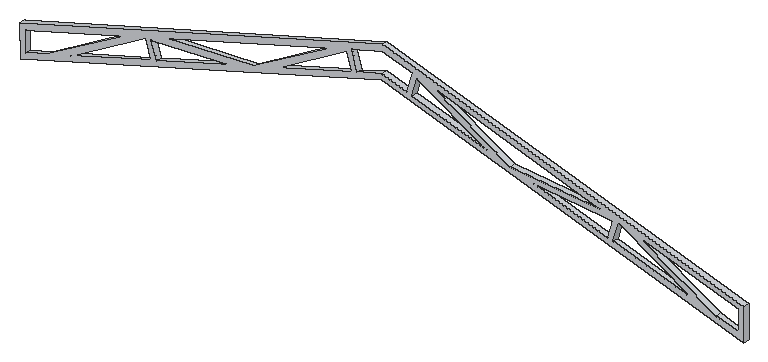
Revit family "roof beam", category Generic Models, Revit 2019
Family settings
  Can host rebar = No
  Round Connector Dimension = Use Diameter
  Part Type = Normal
  Work Plane-Based = No
  Always vertical = Yes
  Cut with Voids When Loaded = No
  Shared = No
  Room Calculation Point = No
Reference planes
  plane 1 "Center (Front/Back)": y = 0
  plane 2: z = 0
  plane 3 "Center (Left/Right)": x = 0
  plane 4: x = -3350
  plane 5: x = 3350
  plane 6: z = 4200
  plane 7: z = 3200
  plane 8: z = 4500
  plane 9: z = 3500
  plane 10: through (0, -1524, 4200) normal (0.286, 0, 0.9582)
  plane 11: through (0, -1524, 4500) normal (0.286, 0, 0.9582)
  plane 12: through (0, -1524, 4200) normal (0.286, 0, -0.9582)
  plane 13: through (0, -1524, 4500) normal (0.286, 0, -0.9582)
Forms (mm)
  Extrusion 1, solid
    sketch origin (0, 0, 0) x (1, 0, 0) y (0, 0, 1)
      loop
        line (0, 4200) -> (3400, 3185.075) -> (3400, 3485.075) -> (0, 4500) -> (-3400, 3485.075) -> (-3400, 3185.075) -> (0, 4200)
      loop
        line (329.603, 4327.946) -> (281.869, 4168.04) -> (985.55, 3957.986) -> (329.603, 4327.946)
      loop
        line (3350, 3252.18) -> (3350, 3447.82) -> (2400.499, 3731.253) -> (3137.369, 3315.652) -> (3350, 3252.18)
      loop
        line (0, 4252.18) -> (233.959, 4182.342) -> (287.58, 4361.975) -> (0, 4447.82) -> (-287.58, 4361.975) -> (-233.959, 4182.342) -> (0, 4252.18)
      loop
        line (1417.974, 3828.904) -> (2121.655, 3618.85) -> (2169.388, 3778.756) -> (1417.974, 3828.904)
      loop
        line (464.892, 4309.046) -> (1201.762, 3893.445) -> (2045.876, 3837.111) -> (464.892, 4309.046)
      loop
        line (2220.549, 3775.342) -> (2169.566, 3604.549) -> (2921.158, 3380.193) -> (2220.549, 3775.342)
      loop
        line (-329.603, 4327.946) -> (-985.55, 3957.986) -> (-281.869, 4168.04) -> (-329.603, 4327.946)
      loop
        line (-3350, 3252.18) -> (-3137.369, 3315.652) -> (-2400.499, 3731.253) -> (-3350, 3447.82) -> (-3350, 3252.18)
      loop
        line (-1417.974, 3828.904) -> (-2169.388, 3778.756) -> (-2121.655, 3618.85) -> (-1417.974, 3828.904)
      loop
        line (-464.892, 4309.046) -> (-2045.876, 3837.111) -> (-1201.762, 3893.445) -> (-464.892, 4309.046)
      loop
        line (-2220.549, 3775.342) -> (-2921.158, 3380.193) -> (-2169.566, 3604.549) -> (-2220.549, 3775.342)
    from 0 to 50
Dimensions and locks
  plane 5 to plane 4 = 6700 mm
  plane 6 to level = 4200 mm
  plane 7 to plane 2 = 3200 mm
  aligned and locked: level to plane 2
